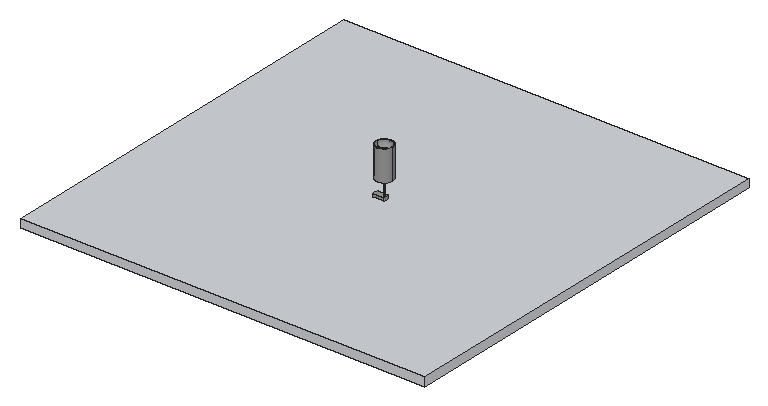
Revit family "LAMP_KOMBIC 100 SURFACE SUSPENDED TRACK 2000 CRI80 OPTIC DALI", category Luminarias, Revit 2018
Family settings
  Anfitrión = Cara
  Cota de conector redondo = Diámetro de uso
  Tipo de pieza = Normal
  Corte con vacíos al cargar = No
  Origen de luz = Sí
  Compartido = No
  Punto de cálculo de habitación = No
Parameters (values of type "1205LM 3000K  B/B")
  Ángulo de inclinación = -90.00°
  Weight = 0.498 kg
  UGR = "17"
  Type = "COB PHILIPS"
  Protection rating = "IP40"
  Product datasheet = "http://www.lamp.es/product-files/TECH/K11ST2040WF830DBB-EN.pdf"
  Product code = "K11ST2040WF830DBB"
  Product URL = "https://www.lamp.es/en/family/kombic-surface_474354"
  Power Supply = "220-240V 50/60Hz"
  Power = 12 W
  Plum = 14.5 W
  Modelo = Product code  # "K11ST2040WF830DBB"
  Model explanation = "Possibility to modify the lenght of the suspension cable up to 1m"
  Material reflector = LAMP_PC Reflector Kombic Metalizado Negro
  Material floron = LAMP_Plástico genérico NG
  Material difusor = LAMP_PMMA Difusor Kombic
  Material cuerpo = LAMP_Plástico genérico NG
  Material cable suspension = LAMP_Acero genérico
  Manufacturer name = "LAMP"
  Manufacturer country = "Spain"
  Manufacturer URL = "http://www.lamp.es/en"
  MacAdam = "3"
  Luminaire type = "Track Suspended"
  Last update = "03/08/2021"
  Lamp = "COB LED"
  LED Lifetime = "50.000 L80 B10"
  Insulation class = "I"
  Installation instructions = "https://www.lamp.es/product-files/packed/by-family/474354_INS_all.zip"
  IEE = "A+"
  Wattage = 14.5 W
  built-in parameter 1150107 = 3000 (stored number, unit not read)
  built-in parameter 1150110 = 1 (stored number, unit not read)
  built-in parameter 1150109 = 1 (stored number, unit not read)
  built-in parameter 1150112 = 1 (stored number, unit not read)
  built-in parameter 1150113 = 1 (stored number, unit not read)
  built-in parameter 1114218 = 1 (stored number, unit not read)
  built-in parameter 1150137 = (empty or 0)
  built-in parameter 1150132 = 2
  built-in parameter 1150105 = 1078.2 (stored number, unit not read)
  built-in parameter 1150102 = (empty or 0)
  built-in parameter 1150106 = 10.782 (stored number, unit not read)
  Height suspension [instance] = 100 mm
  Height distance [instance] = if(Height suspension > 1 mm, if(Height suspension < 1000 mm, Height suspension, 1000 mm), 1 mm)  # 100 mm
  Height = 180 mm
  Gear = "Electronic"
  Lumens = 1204.95 lm
  Finish = "Matte black RAL 9011"
  Color Filter = 16777215
  built-in parameter 1114217 = 1 (stored number, unit not read)
  built-in parameter 1150139 = (empty or 0)
  Fabricante = Manufacturer name  # "LAMP"
  Default Elevation = 1219.2 mm
  built-in parameter 1150104 = 7.7202 (stored number, unit not read)
  Efficacy = 83.1 lm/W
  Diameter = 100 mm
  built-in parameter 1150115 = 1 (stored number, unit not read)
  built-in parameter 1150114 = 1 (stored number, unit not read)
  built-in parameter 1150138 = (empty or 0)
  built-in parameter 1150134 = (empty or 0)
  Dimming Lamp Color Temperature Shift = (empty or 0)
  CRI = "80"
  Archivo de red fotométrica = "K11RD2040WF830NBW.IES"
  built-in parameter 1150133 = 10 (stored number, unit not read)
Types (12, lengths in mm): name | UGR | Product datasheet | Product code | Modelo | Material reflector | Material cuerpo | built-in parameter 1150107 | built-in parameter 1150105 | built-in parameter 1150106 | Lumens | Finish | built-in parameter 1150104 | Efficacy | built-in parameter 1150134 | Archivo de red fotométrica
  1205LM 3000K  B/B | "17" | "http://www.lamp.es/product-files/TECH/K11ST2040WF830DBB-EN.pdf" | "K11ST2040WF830DBB" | "K11ST2040WF830DBB" | LAMP_PC Reflector Kombic Metalizado Negro | LAMP_Plástico genérico NG | 3000 (stored number, unit not read) | 1078.2 (stored number, unit not read) | 10.782 (stored number, unit not read) | 1204.95 lm | "Matte black RAL 9011" | 7.7202 (stored number, unit not read) | 83.1 lm/W | (empty or 0) | "K11RD2040WF830NBW.IES"
  1205LM 3000K  B/W | "17" | "http://www.lamp.es/product-files/TECH/K11ST2040WF830DBW-EN.pdf" | "K11ST2040WF830DBW" | "K11ST2040WF830DBW" | LAMP_PC Reflector Kombic Metalizado Negro | LAMP_Plástico genérico BL | 3000 (stored number, unit not read) | 1078.2 (stored number, unit not read) | 10.782 (stored number, unit not read) | 1204.95 lm | "Matte Traffic white RAL 9016" | 7.7202 (stored number, unit not read) | 83.1 lm/W | (empty or 0) | "K11RD2040WF830NBW.IES"
  1268LM 3000K  M/B | "17" | "http://www.lamp.es/product-files/TECH/K11ST2040WF830DMB-EN.pdf" | "K11ST2040WF830DMB" | "K11ST2040WF830DMB" | LAMP_PC Reflector Kombic Metalizado Mate | LAMP_Plástico genérico NG | 3000 (stored number, unit not read) | 1134 (stored number, unit not read) | 11.34 (stored number, unit not read) | 1267.3 lm | "Matte black RAL 9011" | 8.1197 (stored number, unit not read) | 87.4 lm/W | (empty or 0) | "K11RD2040WF830NMW.IES"
  1268LM 3000K  M/W | "17" | "http://www.lamp.es/product-files/TECH/K11ST2040WF830DMW-EN.pdf" | "K11ST2040WF830DMW" | "K11ST2040WF830DMW" | LAMP_PC Reflector Kombic Metalizado Mate | LAMP_Plástico genérico BL | 3000 (stored number, unit not read) | 1134 (stored number, unit not read) | 11.34 (stored number, unit not read) | 1267.3 lm | "Matte Traffic white RAL 9016" | 8.1197 (stored number, unit not read) | 87.4 lm/W | (empty or 0) | "K11RD2040WF830NMW.IES"
  1275LM 3000K  W/B | "19" | "http://www.lamp.es/product-files/TECH/K11ST2040WF830DWB-EN.pdf" | "K11ST2040WF830DWB" | "K11ST2040WF830DWB" | LAMP_PC Reflector Kombic Blanco | LAMP_Plástico genérico NG | 3000 (stored number, unit not read) | 1140.5 (stored number, unit not read) | 11.405 (stored number, unit not read) | 1274.55 lm | "Matte black RAL 9011" | 8.1662 (stored number, unit not read) | 87.9 lm/W | (empty or 0) | "K11RD2040WF830NWW.IES"
  1275LM 3000K  W/W | "19" | "http://www.lamp.es/product-files/TECH/K11ST2040WF830DWW-EN.pdf" | "K11ST2040WF830DWW" | "K11ST2040WF830DWW" | LAMP_PC Reflector Kombic Blanco | LAMP_Plástico genérico BL | 3000 (stored number, unit not read) | 1140.5 (stored number, unit not read) | 11.405 (stored number, unit not read) | 1274.55 lm | "Matte Traffic white RAL 9016" | 8.1662 (stored number, unit not read) | 87.9 lm/W | (empty or 0) | "K11RD2040WF830NWW.IES"
  1277LM 4000K  B/B | "17" | "http://www.lamp.es/product-files/TECH/K11ST2040WF840DBB-EN.pdf" | "K11ST2040WF840DBB" | "K11ST2040WF840DBB" | LAMP_PC Reflector Kombic Metalizado Negro | LAMP_Plástico genérico NG | 4000 (stored number, unit not read) | 1143.1 (stored number, unit not read) | 11.431 (stored number, unit not read) | 1277.45 lm | "Matte black RAL 9011" | 8.1848 (stored number, unit not read) | 88.1 lm/W | 12 | "K11RD2040WF840NBW.IES"
  1277LM 4000K  B/W | "17" | "http://www.lamp.es/product-files/TECH/K11ST2040WF840DBW-EN.pdf" | "K11ST2040WF840DBW" | "K11ST2040WF840DBW" | LAMP_PC Reflector Kombic Metalizado Negro | LAMP_Plástico genérico BL | 4000 (stored number, unit not read) | 1143.1 (stored number, unit not read) | 11.431 (stored number, unit not read) | 1277.45 lm | "Matte Traffic white RAL 9016" | 8.1848 (stored number, unit not read) | 88.1 lm/W | 12 | "K11RD2040WF840NBW.IES"
  1343LM 4000K  W/B | "19" | "http://www.lamp.es/product-files/TECH/K11ST2040WF840DWB-EN.pdf" | "K11ST2040WF840DWB" | "K11ST2040WF840DWB" | LAMP_PC Reflector Kombic Metalizado Mate | LAMP_Plástico genérico NG | 4000 (stored number, unit not read) | 1201.5 (stored number, unit not read) | 12.015 (stored number, unit not read) | 1342.7 lm | "Matte black RAL 9011" | 8.6028 (stored number, unit not read) | 92.6 lm/W | 12 | "K11RD2040WF840NWW.IES"
  1343LM 4000K  W/W | "19" | "http://www.lamp.es/product-files/TECH/K11ST2040WF840DWW-EN.pdf" | "K11ST2040WF840DWW" | "K11ST2040WF840DWW" | LAMP_PC Reflector Kombic Metalizado Mate | LAMP_Plástico genérico BL | 4000 (stored number, unit not read) | 1201.5 (stored number, unit not read) | 12.015 (stored number, unit not read) | 1342.7 lm | "Matte Traffic white RAL 9016" | 8.6028 (stored number, unit not read) | 92.6 lm/W | 12 | "K11RD2040WF840NWW.IES"
  1351LM 4000K  M/B | "17" | "http://www.lamp.es/product-files/TECH/K11ST2040WF840DMB-EN.pdf" | "K11ST2040WF840DMB" | "K11ST2040WF840DMB" | LAMP_PC Reflector Kombic Blanco | LAMP_Plástico genérico NG | 4000 (stored number, unit not read) | 1209.3 (stored number, unit not read) | 12.093 (stored number, unit not read) | 1351.4 lm | "Matte black RAL 9011" | 8.6586 (stored number, unit not read) | 93.2 lm/W | 12 | "K11RD2040WF840NMW.IES"
  1351LM 4000K  M/W | "17" | "http://www.lamp.es/product-files/TECH/K11ST2040WF840DMW-EN.pdf" | "K11ST2040WF840DMW" | "K11ST2040WF840DMW" | LAMP_PC Reflector Kombic Blanco | LAMP_Plástico genérico BL | 4000 (stored number, unit not read) | 1209.3 (stored number, unit not read) | 12.093 (stored number, unit not read) | 1351.4 lm | "Matte Traffic white RAL 9016" | 8.6586 (stored number, unit not read) | 93.2 lm/W | 12 | "K11RD2040WF840NMW.IES"
Reference planes
  plane 1 "Centro (Frontal/Posterior)": y = 0
  plane 2: z = 0
  plane 3 "Centro (Izquierda/Derecha)": x = 0
Forms (mm)
  Extrusion 1, solid
    sketch origin (0, 0, 0) x (1, 0, 0) y (0, 1, 0)
      loop
        line (-1219.2, 1219.2) -> (-1219.2, -1219.2) -> (1219.2, -1219.2) -> (1219.2, 1219.2) -> (-1219.2, 1219.2)
    from 0 to -50
  Extrusion 2, solid, material "LAMP_Plástico genérico NG" <- "Material cuerpo"
    sketch origin (0, 0, 0) x (1, 0, 0) y (0, 1, 0)
      loop
        circle (0, 0) r 50
    from 114 to 294
  Extrusion 3, void
    sketch origin (0, 0, 0) x (1, 0, 0) y (0, 1, 0)
      loop
        circle (0, 0) r 48
    from 130.273 to 294
  Sweep 4, solid, material "LAMP_PC Reflector Kombic Metalizado Negro" <- "Material reflector"
    path origin (105.103, -251.845, 294) x (1, 0, 0) y (0, 1, 0)
      loop
        circle (-105.103, 251.959) r 48
    profile origin (0, 48.114, 294) x (0, -1, 0) y (0, 0, 1)
      loop
        arc (0, 0) -> (6.616, -20.646) -> (24, -33.6) r 35.52
        line (24, -33.6) -> (24, -32.6)
        arc (24, -32.6) -> (7.196, -20.217) -> (2, 0) r 31.112
        line (2, 0) -> (0, 0)
  Extrusion 5, solid, material "LAMP_PMMA Difusor Kombic" <- "Material difusor"
    sketch origin (0, 0, 0) x (1, 0, 0) y (0, 1, 0)
      loop
        circle (0, 0) r 24
    from 260.4 to 261.4
  Extrusion 6, solid, material "LAMP_Plástico genérico NG" <- "Material cuerpo"
    sketch origin (0, 0, 0) x (1, 0, 0) y (0, 1, 0)
      loop
        arc (-54.442, 16) -> (-58.313, 0) -> (-54.442, -16) r 35
        line (-54.442, -16) -> (7.815, -16)
        arc (7.815, -16) -> (11.687, 0) -> (7.815, 16) r 35
        line (7.815, 16) -> (-54.442, 16)
    from -26 to 14
  Extrusion 7, void
    sketch origin (0, 0, 0) x (0, 1, 0) y (0, 0, 1)
      loop
        line (17, 0) -> (7, 0) -> (7, -25) -> (-7, -25) -> (-7, 0) -> (-17, 0) -> (-17, -26) -> (17, -26) -> (17, 0)
    from -59.309 to 12.887
  Extrusion 8, solid
    sketch origin (0, 0, 0) x (1, 0, 0) y (0, 1, 0)
      loop
        circle (0, 0) r 1
    from 14 to 114
Cuts and joins
  Extrusion 3 cuts Extrusion 2
  Extrusion 7 cuts Extrusion 6
Text (mm)
  text "Any modification of the parameters and properties of the LAMP BIM models must be executed and validated by the LAMP technical department.\nPhone: +34 93 736 68 00\nE-mail: lamp@lamp.es\n\nLAMP reserves the right to modify the technical specifications of its products." at (1856.491, -4316.333, -2622.127), in view "Preview"
Dimensions and locks
  locked: Extrusion 2 to Extrusion 2 at 180
  locked: cut or joined group of Extrusion 2, Extrusion 3 to cut or joined group of Extrusion 2, Extrusion 3 at 163.727
  "Height distance": cut or joined group of Extrusion 2, Extrusion 3 to cut or joined group of Extrusion 6, Extrusion 7
  locked: cut or joined group of Extrusion 6, Extrusion 7 to Extrusion 1 at 14
  aligned and locked: plane 2 to Extrusion 1
  aligned and locked: level to Extrusion 1
  aligned and locked: Extrusion 2 to Extrusion 3
  aligned and locked: Sweep 4 to Extrusion 5
  aligned and locked: Extrusion 5 to Sweep 4
  aligned and locked: imposter light to cut or joined group of Extrusion 2, Extrusion 3
  aligned and locked: Extrusion 8 to cut or joined group of Extrusion 6, Extrusion 7
  aligned and locked: cut or joined group of Extrusion 2, Extrusion 3 to Extrusion 8
Automatic sketch dimensions
  Extrusion 1 sketch curve to Extrusion 1 sketch curve = 2438.4 mm  (x2)
  plane 1 "Centro (Frontal/Posterior)" to Extrusion 2 sketch curve = 0 mm
  Extrusion 2 sketch curve to plane 3 "Centro (Izquierda/Derecha)" = 0 mm
  plane 1 "Centro (Frontal/Posterior)" to Extrusion 3 sketch curve = 0 mm
  Extrusion 3 sketch curve to plane 3 "Centro (Izquierda/Derecha)" = 0 mm
  Sweep 4 sketch curve to profile plane = 0 mm  (x2)
  Sweep 4 sketch curve to Sweep 4 sketch curve = 2 mm
  Sweep 4 sketch curve to profile plane = 24 mm
  Sweep 4 sketch curve to profile plane = 2.814 mm
  Sweep 4 sketch curve to Sweep 4 sketch curve = 8.984 mm
  Sweep 4 sketch curve to Sweep 4 sketch curve = 2.536 mm
  plane 1 "Centro (Frontal/Posterior)" to Extrusion 5 sketch curve = 0 mm
  Extrusion 5 sketch curve to plane 3 "Centro (Izquierda/Derecha)" = 0 mm
  Extrusion 6 sketch curve to Extrusion 6 sketch curve = 0 mm  (x2)
  plane 1 "Centro (Frontal/Posterior)" to Extrusion 6 sketch curve = 0 mm
  Extrusion 6 sketch curve to plane 1 "Centro (Frontal/Posterior)" = 16 mm
  Extrusion 6 sketch curve to plane 3 "Centro (Izquierda/Derecha)" = 54.442 mm
  plane 1 "Centro (Frontal/Posterior)" to Extrusion 6 sketch curve = 16 mm
  Extrusion 6 sketch curve to plane 3 "Centro (Izquierda/Derecha)" = 23.313 mm
  plane 3 "Centro (Izquierda/Derecha)" to Extrusion 6 sketch curve = 7.815 mm
  Extrusion 7 sketch curve to level = 0 mm  (x2)
  plane 1 "Centro (Frontal/Posterior)" to Extrusion 7 sketch curve = 17 mm
  plane 1 "Centro (Frontal/Posterior)" to Extrusion 7 sketch curve = 7 mm
  Extrusion 7 sketch curve to plane 1 "Centro (Frontal/Posterior)" = 7 mm
  Extrusion 7 sketch curve to Extrusion 7 sketch curve = 10 mm
  Extrusion 7 sketch curve to Extrusion 7 sketch curve = 25 mm
  Extrusion 7 sketch curve to Extrusion 7 sketch curve = 1 mm
  plane 1 "Centro (Frontal/Posterior)" to Extrusion 8 sketch curve = 0 mm
  Extrusion 8 sketch curve to plane 3 "Centro (Izquierda/Derecha)" = 0 mm
  radius of Extrusion 2 sketch curve = 50 mm
  radius of Extrusion 3 sketch curve = 48 mm
  radius of Sweep 4 sketch curve = 48 mm
  radius of Extrusion 5 sketch curve = 24 mm
  radius of Extrusion 8 sketch curve = 1 mm
Connectors
  electrical at (0, 0, 114)
    settings: on cut or joined group of Extrusion 2, Extrusion 3, index 1, voltage 230 V, apparent load 0 VA, apparent load phase1 0 VA, apparent load phase2 0 VA, apparent load phase3 0 VA, power factor 1, load classification "Otro", number of poles 1, system type 31, power factor state 1, is connector primary yes, connector utility no, sub classification motor no, connector description ""
